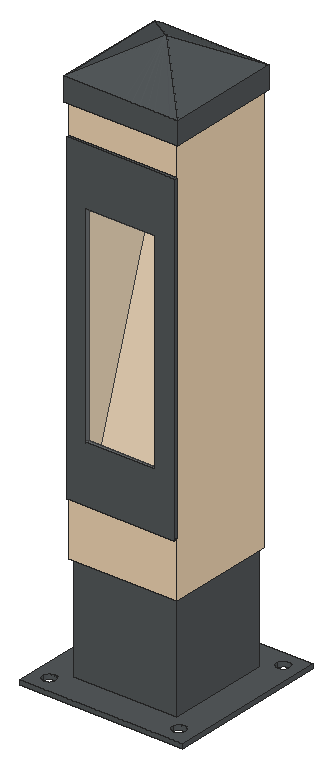
Revit family "Баум", category Осветительные приборы, Revit 2019 (continued)
Types (3, lengths in mm): name | Файл фотометрической сетки | built-in parameter 1150105 | Lumens | built-in parameter 1150106 | built-in parameter 1150142 | Wattage | h_столб низ | h_столб верх | ADSK_Фактическая мощность | ADSK_Размер_Высота | ADSK_Номинальная мощность | ADSK_Наименование | ADSK_Масса_Текст | ADSK_Масса | ADSK_Артикул
    .4 0.4 0.4\r\n 0.4 0.4 0.4 0.4 0.4 0.4 0.4 0.4 0.4 0.4 0.4 0.4 0.4 0.4 0.4 0.4 0.4 0.4 0.4 0.4 0.4 0.4 0.4 0.4 0.4 0.4 0.4 0.4 0.4 0.4 0.4 0.4\r\n 0.4 0.4 0.4 0.4 0.4 0.4 0.4 0.4 0.4 0.4 0.4 0.4 0.4 0.4 0.4 0.4 0.4 0.4 0.4 0.4 0.4 0.4 0.4 0.4 0.4 0.4 0.4 0.4 0.4 0.4 0.4 0.4\r\n 0.4 0.4 0.4 0.4 0.4 0.4 0.4 0.4 0.4 0.6 0.4 0.4 0.4 0.2 0.2 0.2 0.2 0.2 0.2 0.0 0.0 0.0\r\n0.0 0.0 0.6 0.4 0.4 0.2 0.2 0.2 0.4 0.6 0.6 0.4 0.4 0.4 1.6 34.1 118.0 228.1 300.4 368.5 422.8 484.9 550.7 632.4 731.0 839.2 874.1\r\n 882.5 881.6 880.7 881.6 880.9 874.8 869.1 866.0 859.2 859.6 857.0 851.2 847.8 848.8 843.3 835.5 830.8 819.2 813.7 810.0 804.5\r\n 795.7 787.7 788.4 779.4 762.9 750.6 742.0 733.2 720.5 707.1 692.6 665.8 624.3 570.9 518.1 487.2 460.8 428.9 404.7 384.3 357.7\r\n 329.6 302.8 284.6 255.4 227.9 214.5 191.4 162.8 138.2 105.3 90.5 67.2 42.8 13.2 1.8 0.4 0.4 0.4 0.4 0.4 0.4 0.4 0.4 0.4 0.4 0.4\r\n 0.4 0.4 0.4 0.4 0.4 0.4 0.4 0.4 0.4 0.4 0.4 0.4 0.4 0.4 0.4 0.4 0.4 0.4 0.4 0.4 0.4 0.4 0.4 0.4 0.4 0.4 0.4 0.4 0.4 0.4 0.4 0.4\r\n 0.4 0.4 0.4 0.4 0.4 0.4 0.4 0.4 0.4 0.4 0.4 0.4 0.4 0.4 0.4 0.4 0.4 0.4 0.4 0.4 0.4 0.4 0.4 0.4 0.4 0.4 0.4 0.4 0.4 0.4 0.4 0.4\r\n 0.4 0.4 0.4 0.4 0.4 0.4 0.4 0.4 0.4 0.4 0.4 0.4 0.4 0.2 0.2 0.2 0.2 0.2 0.2 0.0 0.0 0.0\r\n0.0 0.0 0.6 0.4 0.4 0.2 0.2 0.2 0.4 0.6 0.6 0.4 0.4 0.4 0.6 9.9 60.8 171.2 256.9 323.4 383.9 430.2 477.3 537.5 604.5 690.6 768.0\r\n 802.2 810.8 808.4 802.0 800.9 810.0 805.6 799.0 797.4 790.2 792.8 790.4 782.2 775.4 767.3 762.7 757.2 754.6 749.7 742.9 742.9\r\n 735.9 725.1 712.6 700.5 698.3 687.5 674.1 663.6 655.7 642.3 632.0 617.2 590.4 550.9 497.3 451.5 419.9 391.1 359.1 330.0 315.3\r\n 287.4 264.6 246.3 228.1 202.8 180.6 162.8 135.3 114.3 94.0 79.1 60.6 37.4 17.3 2.4 0.4 0.4 0.4 0.4 0.4 0.4 0.4 0.4 0.4 0.4 0.4\r\n 0.4 0.4 0.4 0.4 0.4 0.4 0.4 0.4 0.4 0.4 0.4 0.4 0.4 0.4 0.4 0.4 0.4 0.4 0.4 0.4 0.4 0.4 0.4 0.4 0.4 0.4 0.4 0.4 0.4 0.4 0.4 0.4\r\n 0.4 0.4 0.4 0.4 0.4 0.4 0.4 0.4 0.4 0.4 0.4 0.4 0.4 0.4 0.4 0.4 0.4 0.4 0.4 0.4 0.4 0.4 0.4 0.4 0.4 0.4 0.4 0.4 0.4 0.4 0.4 0.4\r\n 0.4 0.4 0.4 0.4 0.4 0.4 0.4 0.4 0.4 0.4 0.4 0.4 0.4 0.2 0.2 0.2 0.2 0.2 0.2 0.0 0.0 0.0\r\n0.0 0.0 0.6 0.2 0.4 0.2 0.2 0.2 0.4 0.6 0.6 0.4 0.4 0.4 0.4 2.4 22.0 98.9 196.9 276.4 331.3 372.7 412.7 456.6 504.9 562.3 625.1\r\n 700.7 716.1 721.0 724.0 725.8 722.7 722.3 723.6 723.8 722.0 719.9 717.9 711.7 712.8 707.5 703.6 699.2 687.6 682.1 673.5 659.7\r\n 655.5 649.8 639.2 632.2 625.2 619.5 609.8 595.7 580.5 570.9 560.5 547.3 536.2 513.1 470.2 421.9 378.4 350.1 325.7 293.6 271.0\r\n 255.3 228.8 204.6 189.6 170.5 151.4 137.8 123.1 102.2 82.2 65.2 54.7 35.2 16.3 1.8 0.4 0.4 0.4 0.4 0.4 0.4 0.4 0.4 0.4 0.4 0.4\r\n 0.4 0.4 0.4 0.4 0.4 0.4 0.4 0.4 0.4 0.4 0.4 0.4 0.4 0.4 0.4 0.4 0.4 0.4 0.4 0.4 0.4 0.4 0.4 0.4 0.4 0.4 0.4 0.4 0.4 0.4 0.4 0.4\r\n 0.4 0.4 0.4 0.4 0.4 0.4 0.4 0.4 0.4 0.4 0.4 0.4 0.4 0.4 0.4 0.4 0.4 0.4 0.4 0.4 0.4 0.4 0.4 0.4 0.4 0.4 0.4 0.4 0.4 0.4 0.4 0.4\r\n 0.4 0.4 0.4 0.4 0.4 0.4 0.4 0.4 0.4 0.4 0.4 0.4 0.4 0.2 0.2 0.2 0.2 0.2 0.2 0.0 0.0 0.0\r\n0.0 0.0 0.4 0.2 0.4 0.2 0.2 0.2 0.4 0.6 0.6 0.4 0.4 0.4 0.4 0.7 5.0 40.0 113.6 218.6 276.9 320.8 365.2 401.4 443.4 497.7 546.9\r\n 600.1 633.3 655.5 662.9 660.5 654.8 659.6 662.3 659.2 654.0 654.2 646.3 647.3 645.2 636.3 633.7 629.8 626.5 616.6 608.5 606.5\r\n 599.5 593.9 586.2 576.8 569.5 559.7 551.8 541.4 534.8 525.2 517.0 509.3 496.8 483.0 463.0 423.7 373.3 327.6 298.4 276.0 249.4\r\n 230.3 213.1 190.7 170.3 158.6 138.9 121.1 110.3 92.7 76.2 58.4 46.8 31.9 13.2 0.9 0.4 0.4 0.4 0.4 0.4 0.4 0.4 0.4 0.4 0.4 0.4 0.4\r\n 0.4 0.4 0.4 0.4 0.4 0.4 0.4 0.4 0.4 0.4 0.4 0.4 0.4 0.4 0.4 0.4 0.4 0.4 0.4 0.4 0.4 0.4 0.4 0.4 0.4 0.4 0.4 0.4 0.4 0.4 0.4 0.4\r\n 0.4 0.4 0.4 0.4 0.4 0.4 0.4 0.4 0.4 0.4 0.4 0.4 0.4 0.4 0.4 0.4 0.4 0.4 0.4 0.4 0.4 0.4 0.4 0.4 0.4 0.4 0.4 0.4 0.4 0.4 0.4 0.4\r\n 0.4 0.4 0.4 0.4 0.4 0.4 0.4 0.4 0.4 0.4 0.4 0.4 0.2 0.2 0.2 0.2 0.2 0.2 0.0 0.0 0.0\r\n0.0 0.0 0.4 0.2 0.4 0.2 0.2 0.2 0.4 0.6 0.6 0.4 0.4 0.4 0.4 0.6 0.9 11.4 45.3 131.0 208.1 262.4 306.5 345.9 381.4 427.0 464.7\r\n 505.8 532.6 588.3 601.0 598.8 596.6 592.2 593.3 594.8 594.2 593.5 591.3 585.2 580.8 582.7 572.8 570.7 568.0 559.5 555.0 548.7\r\n 544.3 539.4 533.7 526.9 518.1 507.2 499.0 494.8 483.6 474.6 464.3 452.5 442.1 429.8 417.3 398.4 369.4 324.1 280.8 251.1 230.5\r\n 210.5 194.0 179.3 159.1 142.2 131.8 113.4 97.1 86.1 69.0 52.5 38.2 28.1 14.5 2.6 0.7 0.4 0.4 0.4 0.4 0.4 0.4 0.4 0.4 0.4 0.4 0.4\r\n 0.4 0.4 0.4 0.4 0.4 0.4 0.4 0.4 0.4 0.4 0.4 0.4 0.4 0.4 0.4 0.4 0.4 0.4 0.4 0.4 0.4 0.4 0.4 0.4 0.4 0.4 0.4 0.4 0.4 0.4 0.4 0.4\r\n 0.4 0.4 0.4 0.4 0.4 0.4 0.4 0.4 0.4 0.4 0.4 0.4 0.4 0.4 0.4 0.4 0.4 0.4 0.4 0.4 0.4 0.4 0.4 0.4 0.4 0.4 0.4 0.4 0.4 0.4 0.4 0.4\r\n 0.4 0.4 0.4 0.4 0.4 0.4 0.4 0.4 0.4 0.4 0.4 0.4 0.2 0.2 0.2 0.2 0.2 0.2 0.0 0.0 0.0\r\n0.0 0.0 0.4 0.2 0.4 0.2 0.2 0.2 0.4 0.6 0.6 0.4 0.4 0.4 0.4 0.4 0.4 2.4 11.4 49.4 117.8 181.3 228.7 269.4 312.7 352.4 385.2 425.2\r\n 452.2 475.9 515.9 546.2 554.4 553.3 547.4 542.3 540.7 537.3 533.8 532.2 528.0 519.9 513.1 506.7 507.8 505.4 497.9 494.8 484.7\r\n 479.5 477.0 469.6 463.6 457.7 448.9 440.8 431.3 422.8 413.8 406.1 396.4 386.1 376.6 365.2 351.1 322.4 284.1 240.6 212.7 192.0\r\n 174.2 159.3 145.5 127.9 114.5 101.5 85.9 73.8 61.5 44.8 32.5 26.6 16.1 4.2 0.6 0.4 0.4 0.4 0.4 0.4 0.4 0.4 0.4 0.4 0.4 0.4 0.4\r\n 0.4 0.4 0.4 0.4 0.4 0.4 0.4 0.4 0.4 0.4 0.4 0.4 0.4 0.4 0.4 0.4 0.4 0.4 0.4 0.4 0.4 0.4 0.4 0.4 0.4 0.4 0.4 0.4 0.4 0.4 0.4 0.4\r\n 0.4 0.4 0.4 0.4 0.4 0.4 0.4 0.4 0.4 0.4 0.4 0.4 0.4 0.4 0.4 0.4 0.4 0.4 0.4 0.4 0.4 0.4 0.4 0.4 0.4 0.4 0.4 0.4 0.4 0.4 0.4 0.4\r\n 0.4 0.4 0.4 0.4 0.4 0.4 0.4 0.4 0.4 0.4 0.4 0.2 0.2 0.2 0.2 0.2 0.2 0.0 0.0 0.0\r\n0.0 0.0 0.4 0.2 0.4 0.2 0.2 0.2 0.4 0.6 0.6 0.4 0.4 0.4 0.4 0.4 0.4 0.6 1.6 11.4 46.4 98.0 144.4 186.3 221.7 255.1 282.6 305.2\r\n 338.2 371.3 402.1 445.2 487.2 489.6 489.4 491.1 486.5 478.4 476.2 472.0 464.1 462.3 457.1 450.7 442.3 440.8 434.9 429.8 422.8\r\n 414.6 409.4 405.2 397.5 394.9 385.8 382.5 377.1 368.5 361.7 352.5 344.6 336.6 329.6 320.0 311.6 301.0 282.3 253.4 218.2 190.9\r\n 172.3 152.9 137.1 123.9 107.2 95.3 81.8 69.0 58.4 47.9 36.9 27.9 19.8 10.5 2.0 0.4 0.4 0.4 0.4 0.4 0.4 0.4 0.4 0.4 0.4 0.4 0.4\r\n 0.4 0.4 0.4 0.4 0.4 0.4 0.4 0.4 0.4 0.4 0.4 0.4 0.4 0.4 0.4 0.4 0.4 0.4 0.4 0.4 0.4 0.4 0.4 0.4 0.4 0.4 0.4 0.4 0.4 0.4 0.4 0.4\r\n 0.4 0.4 0.4 0.4 0.4 0.4 0.4 0.4 0.4 0.4 0.4 0.4 0.4 0.4 0.4 0.4 0.4 0.4 0.4 0.4 0.4 0.4 0.4 0.4 0.4 0.4 0.4 0.4 0.4 0.4 0.4 0.4\r\n 0.4 0.4 0.4 0.4 0.4 0.4 0.4 0.4 0.4 0.4 0.4 0.2 0.2 0.2 0.2 0.2 0.2 0.0 0.0 0.0\r\n0.0 0.0 0.4 0.2 0.4 0.2 0.2 0.2 0.4 0.6 0.6 0.4 0.4 0.4 0.4 0.4 0.4 0.4 0.6 1.8 10.5 28.3 61.3 102.2 139.7 167.7 185.9 201.9 226.5\r\n 245.9 269.8 306.8 335.5 385.4 411.6 422.8 425.9 422.3 416.0 409.6 408.1 404.7 401.5 395.3 389.6 383.4 376.4 368.0 364.5 360.1\r\n 351.1 345.9 340.6 332.7 328.1 318.0 309.2 304.5 298.0 289.4 284.1 279.5 270.1 262.4 254.5 244.8 234.5 219.9 197.1 172.7 152.1\r\n 138.0 121.1 109.2 98.2 84.1 76.3 63.9 55.2 45.5 35.8 25.9 18.5 10.3 2.9 0.4 0.4 0.4 0.4 0.4 0.4 0.4 0.4 0.4 0.4 0.4 0.4 0.4 0.4\r\n 0.4 0.4 0.4 0.4 0.4 0.4 0.4 0.4 0.4 0.4 0.4 0.4 0.4 0.4 0.4 0.4 0.4 0.4 0.4 0.4 0.4 0.4 0.4 0.4 0.4 0.4 0.4 0.4 0.4 0.4 0.4 0.4\r\n 0.4 0.4 0.4 0.4 0.4 0.4 0.4 0.4 0.4 0.4 0.4 0.4 0.4 0.4 0.4 0.4 0.4 0.4 0.4 0.4 0.4 0.4 0.4 0.4 0.4 0.4 0.4 0.4 0.4 0.4 0.4 0.4\r\n 0.4 0.4 0.4 0.4 0.4 0.4 0.2 0.4 0.4 0.2 0.2 0.2 0.2 0.2 0.2 0.0 0.0 0.0\r\n0.0 0.0 0.4 0.2 0.2 0.2 0.2 0.2 0.4 0.6 0.4 0.4 0.4 0.4 0.4 0.4 0.4 0.4 0.4 0.6 1.3 3.5 15.8 38.0 70.1 98.4 126.8 143.9 164.1\r\n 182.2 198.6 228.8 255.4 276.4 312.3 343.9 360.6 369.0 369.4 370.7 365.0 360.6 355.7 350.0 348.0 342.1 337.9 335.1 330.0 322.8\r\n 318.0 312.7 306.1 302.4 298.2 293.3 288.1 280.0 272.7 266.5 258.6 251.8 245.0 237.5 229.9 221.3 212.5 205.4 196.5 179.1 158.8\r\n 138.0 123.3 110.1 98.6 88.5 76.7 66.6 57.6 47.3 39.3 29.5 21.5 15.1 5.9 1.1 0.4 0.4 0.4 0.4 0.4 0.4 0.4 0.4 0.4 0.4 0.4 0.4 0.4\r\n 0.4 0.4 0.4 0.4 0.4 0.4 0.4 0.4 0.4 0.4 0.4 0.4 0.4 0.4 0.4 0.4 0.4 0.4 0.4 0.4 0.4 0.4 0.4 0.4 0.4 0.4 0.4 0.4 0.4 0.4 0.4 0.4\r\n 0.4 0.4 0.4 0.4 0.4 0.4 0.4 0.4 0.4 0.4 0.4 0.4 0.4 0.4 0.4 0.4 0.4 0.4 0.4 0.4 0.4 0.4 0.4 0.4 0.4 0.4 0.4 0.4 0.4 0.4 0.4 0.4\r\n 0.4 0.4 0.4 0.4 0.4 0.4 0.2 0.2 0.4 0.2 0.2 0.2 0.2 0.2 0.2 0.0 0.0 0.0\r\n0.0 0.0 0.4 0.2 0.2 0.2 0.2 0.2 0.4 0.6 0.4 0.4 0.4 0.4 0.4 0.4 0.4 0.4 0.4 0.4 0.4 0.6 2.4 6.6 18.4 31.4 73.4 103.5 125.9 145.0\r\n 160.6 178.8 196.9 218.2 242.4 258.9 288.5 319.0 332.5 351.8 350.3 350.0 344.6 343.9 338.8 335.6 332.0 323.9 317.9 313.6 309.8\r\n 305.4 299.1 294.0 287.4 282.1 274.9 266.3 260.0 254.4 248.1 241.3 233.1 225.7 217.1 209.6 200.9 193.6 185.9 177.1 164.3 145.0\r\n 124.6 108.1 96.7 84.8 75.1 63.1 54.9 43.5 37.8 29.0 20.4 13.9 6.4 0.9 0.4 0.4 0.4 0.4 0.4 0.4 0.4 0.4 0.4 0.4 0.4 0.4 0.4 0.4 0.4\r\n 0.4 0.4 0.4 0.4 0.4 0.4 0.4 0.4 0.4 0.4 0.4 0.4 0.4 0.4 0.4 0.4 0.4 0.4 0.4 0.4 0.4 0.4 0.4 0.4 0.4 0.4 0.4 0.4 0.4 0.4 0.4 0.4\r\n 0.4 0.4 0.4 0.4 0.4 0.4 0.4 0.4 0.4 0.4 0.4 0.4 0.4 0.4 0.4 0.4 0.4 0.4 0.4 0.4 0.4 0.4 0.4 0.4 0.4 0.4 0.4 0.4 0.4 0.4 0.4 0.4\r\n 0.4 0.4 0.4 0.4 0.2 0.2 0.4 0.2 0.2 0.2 0.2 0.2 0.2 0.0 0.0 0.0\r\n0.0 0.0 0.4 0.2 0.2 0.2 0.2 0.2 0.4 0.6 0.4 0.4 0.4 0.4 0.4 0.4 0.4 0.4 0.4 0.4 0.4 0.4 0.6 0.6 2.2 6.4 19.5 34.1 70.7 91.0 109.8\r\n 128.1 149.8 169.0 183.9 203.0 224.3 248.1 279.5 298.8 310.9 323.7 334.9 332.4 331.3 325.7 320.8 318.6 312.0 306.1 297.9 289.8\r\n 282.6 276.6 272.0 265.7 257.3 249.2 243.2 236.9 231.0 223.9 215.4 207.9 200.2 192.1 184.8 177.6 170.1 162.1 152.9 143.7 130.3\r\n 112.1 94.9 82.4 70.5 61.5 50.7 44.0 34.9 28.8 20.7 13.8 8.6 3.1 0.7 0.4 0.4 0.4 0.4 0.4 0.4 0.4 0.4 0.4 0.4 0.4 0.4 0.4 0.4 0.4\r\n 0.4 0.4 0.4 0.4 0.4 0.4 0.4 0.4 0.4 0.4 0.4 0.4 0.4 0.4 0.4 0.4 0.4 0.4 0.4 0.4 0.4 0.4 0.4 0.4 0.4 0.4 0.4 0.4 0.4 0.4 0.4 0.4\r\n 0.4 0.4 0.4 0.4 0.4 0.4 0.4 0.4 0.4 0.4 0.4 0.4 0.4 0.4 0.4 0.4 0.4 0.4 0.4 0.4 0.4 0.4 0.4 0.4 0.4 0.4 0.4 0.4 0.4 0.4 0.4 0.4\r\n 0.4 0.4 0.4 0.2 0.2 0.4 0.2 0.2 0.2 0.2 0.2 0.2 0.0 0.0 0.0\r\n0.0 0.0 0.4 0.2 0.2 0.2 0.2 0.2 0.4 0.6 0.4 0.4 0.4 0.4 0.4 0.4 0.4 0.4 0.4 0.4 0.4 0.4 0.4 0.4 0.4 1.1 2.2 4.2 11.2 38.7 58.0\r\n 74.5 100.8 121.5 140.4 151.8 165.5 182.2 198.2 209.8 214.5 232.0 237.5 234.4 229.4 226.1 219.5 214.7 211.0 208.8 203.9 202.4\r\n 204.3 204.8 202.2 198.7 195.8 193.6 189.0 183.9 178.6 172.5 167.9 162.2 156.2 150.3 144.6 138.7 131.8 125.2 118.2 110.5 103.1\r\n 92.1 78.2 62.8 50.8 42.8 36.0 28.1 22.6 16.5 12.1 7.2 4.0 1.1 0.4 0.4 0.4 0.4 0.4 0.4 0.4 0.4 0.4 0.4 0.4 0.4 0.4 0.4 0.4 0.4 0.4\r\n 0.4 0.4 0.4 0.4 0.4 0.4 0.4 0.4 0.4 0.4 0.4 0.4 0.4 0.4 0.4 0.4 0.4 0.4 0.4 0.4 0.4 0.4 0.4 0.4 0.4 0.4 0.4 0.4 0.4 0.4 0.4 0.4\r\n 0.4 0.4 0.4 0.4 0.4 0.4 0.4 0.4 0.4 0.4 0.4 0.4 0.4 0.4 0.4 0.4 0.4 0.4 0.4 0.4 0.4 0.4 0.4 0.4 0.4 0.4 0.4 0.4 0.4 0.4 0.4 0.4\r\n 0.4 0.4 0.2 0.2 0.4 0.2 0.2 0.2 0.2 0.2 0.2 0.0 0.0 0.0\r\n0.0 0.0 0.4 0.2 0.2 0.2 0.2 0.2 0.4 0.6 0.4 0.4 0.4 0.4 0.4 0.4 0.4 0.4 0.4 0.4 0.4 0.4 0.4 0.4 0.4 0.4 0.4 0.4 0.7 4.6 6.8 20.0\r\n 34.3 45.5 72.1 99.1 113.6 129.9 136.4 144.1 151.0 160.8 163.7 162.1 160.6 155.1 151.0 147.0 142.8 141.1 139.3 136.9 133.6 131.9\r\n 129.9 126.4 122.2 119.3 116.5 115.1 112.5 108.8 105.9 102.6 99.3 96.5 92.3 87.5 83.1 79.5 75.2 69.9 64.8 60.2 55.4 48.3 36.7 26.8\r\n 19.5 13.6 9.7 6.2 3.7 2.2 0.7 0.4 0.4 0.4 0.4 0.4 0.4 0.4 0.4 0.4 0.4 0.4 0.4 0.4 0.4 0.4 0.4 0.4 0.4 0.4 0.4 0.4 0.4 0.4 0.4 0.4\r\n 0.4 0.4 0.4 0.4 0.4 0.4 0.4 0.4 0.4 0.4 0.4 0.4 0.4 0.4 0.4 0.4 0.4 0.4 0.4 0.4 0.4 0.4 0.4 0.4 0.4 0.4 0.4 0.4 0.4 0.4 0.4 0.4\r\n 0.4 0.4 0.4 0.4 0.4 0.4 0.4 0.4 0.4 0.4 0.4 0.4 0.4 0.4 0.4 0.4 0.4 0.4 0.6 0.6 0.4 0.4 0.4 0.4 0.4 0.4 0.4 0.2 0.2 0.4 0.2 0.2\r\n 0.2 0.2 0.2 0.2 0.0 0.0 0.0\r\n0.0 0.0 0.4 0.2 0.2 0.2 0.2 0.2 0.4 0.6 0.4 0.4 0.4 0.4 0.4 0.4 0.4 0.4 0.4 0.4 0.4 0.4 0.4 0.4 0.4 0.4 0.4 0.4 0.4 0.4 0.4 1.8\r\n 3.1 9.9 19.8 19.3 32.1 70.3 78.0 81.1 85.0 88.5 91.4 89.6 84.2 80.9 78.4 77.6 79.7 78.9 77.1 75.6 75.2 73.4 71.8 70.5 70.5 71.8\r\n 71.8 69.6 67.3 65.9 63.5 60.9 58.2 55.4 52.7 49.0 46.1 43.5 40.9 38.4 35.8 33.6 31.6 29.2 26.2 19.3 9.7 6.2 4.2 2.2 0.9 0.6 0.4\r\n 0.4 0.4 0.4 0.4 0.4 0.4 0.4 0.4 0.4 0.4 0.4 0.4 0.4 0.4 0.4 0.4 0.4 0.4 0.4 0.4 0.4 0.4 0.4 0.4 0.4 0.4 0.4 0.4 0.4 0.4 0.4 0.4\r\n 0.4 0.4 0.4 0.4 0.4 0.4 0.4 0.4 0.4 0.4 0.4 0.4 0.4 0.4 0.4 0.4 0.4 0.4 0.4 0.4 0.4 0.4 0.4 0.4 0.4 0.4 0.4 0.4 0.4 0.4 0.4 0.4\r\n 0.4 0.4 0.4 0.4 0.4 0.4 0.4 0.4 0.4 0.4 0.4 0.6 0.6 0.4 0.4 0.4 0.4 0.4 0.4 0.4 0.2 0.2 0.4 0.2 0.2 0.2 0.2 0.2 0.2 0.0 0.0 0.0\r\n0.0 0.0 0.4 0.2 0.2 0.2 0.2 0.2 0.4 0.6 0.4 0.4 0.4 0.4 0.4 0.4 0.4 0.4 0.4 0.4 0.4 0.4 0.4 0.4 0.4 0.4 0.4 0.4 0.4 0.4 0.4 0.4\r\n 0.4 0.9 1.6 1.3 2.9 4.8 5.7 3.8 4.4 6.1 8.8 11.9 14.9 17.6 20.4 22.6 24.4 23.9 24.0 21.8 18.9 15.4 13.6 12.9 12.3 10.3 8.3 7.2\r\n 6.8 6.6 6.1 5.0 4.0 2.9 1.8 1.3 0.7 0.7 0.7 0.7 0.7 0.9 0.9 0.9 1.1 0.9 0.9 0.6 0.4 0.4 0.4 0.4 0.4 0.4 0.4 0.4 0.4 0.4 0.4 0.4\r\n 0.4 0.4 0.4 0.4 0.4 0.4 0.4 0.4 0.4 0.4 0.4 0.4 0.4 0.4 0.4 0.4 0.4 0.4 0.4 0.4 0.4 0.4 0.4 0.4 0.4 0.4 0.4 0.4 0.4 0.4 0.4 0.4\r\n 0.4 0.4 0.4 0.4 0.4 0.4 0.4 0.4 0.4 0.4 0.4 0.4 0.4 0.4 0.4 0.4 0.4 0.4 0.4 0.4 0.4 0.4 0.4 0.4 0.4 0.4 0.4 0.4 0.4 0.4 0.4 0.4\r\n 0.4 0.4 0.4 0.4 0.4 0.4 0.4 0.4 0.4 0.4 0.4 0.4 0.4 0.2 0.2 0.2 0.2 0.2 0.2 0.2 0.2 0.2 0.0 0.0 0.0\r\n0.0 0.0 0.4 0.2 0.2 0.2 0.2 0.2 0.4 0.6 0.4 0.4 0.4 0.4 0.4 0.4 0.4 0.4 0.4 0.4 0.4 0.4 0.4 0.4 0.4 0.4 0.4 0.4 0.4 0.4 0.4 0.4\r\n 0.4 0.4 0.4 0.4 0.4 0.4 0.6 0.4 0.4 0.4 0.6 0.6 0.7 0.7 0.7 0.7 0.7 0.6 0.6 0.6 0.6 0.6 0.6 0.6 0.4 0.4 0.4 0.4 0.4 0.4 0.4 0.4\r\n 0.4 0.4 0.4 0.4 0.4 0.4 0.4 0.4 0.4 0.4 0.4 0.4 0.4 0.4 0.4 0.4 0.4 0.4 0.4 0.4 0.4 0.4 0.4 0.4 0.4 0.4 0.4 0.4 0.4 0.4 0.4 0.4\r\n 0.4 0.4 0.4 0.4 0.4 0.4 0.4 0.4 0.4 0.4 0.4 0.4 0.4 0.4 0.4 0.4 0.4 0.4 0.4 0.4 0.4 0.4 0.4 0.4 0.4 0.4 0.4 0.4 0.4 0.4 0.4 0.4\r\n 0.4 0.4 0.4 0.4 0.4 0.4 0.4 0.4 0.4 0.4 0.4 0.4 0.4 0.4 0.4 0.4 0.4 0.4 0.4 0.4 0.4 0.4 0.4 0.4 0.4 0.4 0.4 0.4 0.4 0.4 0.4 0.4\r\n 0.4 0.4 0.4 0.4 0.4 0.4 0.4 0.4 0.4 0.2 0.2 0.2 0.2 0.2 0.2 0.2 0.2 0.2 0.0 0.0 0.0\r\n0.0 0.0 0.2 0.2 0.2 0.2 0.2 0.2 0.4 0.6 0.4 0.4 0.4 0.4 0.4 0.4 0.4 0.4 0.4 0.4 0.4 0.4 0.4 0.4 0.4 0.4 0.4 0.4 0.4 0.4 0.4 0.4\r\n 0.4 0.4 0.4 0.4 0.4 0.4 0.4 0.4 0.4 0.4 0.4 0.4 0.4 0.4 0.4 0.4 0.4 0.4 0.4 0.4 0.4 0.4 0.4 0.4 0.4 0.4 0.4 0.4 0.4 0.4 0.4 0.4\r\n 0.4 0.4 0.4 0.4 0.4 0.4 0.4 0.4 0.4 0.4 0.4 0.4 0.4 0.4 0.4 0.4 0.4 0.4 0.4 0.4 0.4 0.4 0.4 0.4 0.4 0.4 0.4 0.4 0.4 0.4 0.4 0.4\r\n 0.4 0.4 0.4 0.4 0.4 0.4 0.4 0.4 0.4 0.4 0.4 0.4 0.4 0.4 0.4 0.4 0.4 0.4 0.4 0.4 0.4 0.4 0.4 0.4 0.4 0.4 0.4 0.4 0.4 0.4 0.4 0.4\r\n 0.4 0.4 0.4 0.4 0.4 0.4 0.4 0.4 0.4 0.4 0.4 0.4 0.4 0.4 0.4 0.4 0.4 0.4 0.4 0.4 0.4 0.4 0.4 0.4 0.4 0.4 0.4 0.4 0.4 0.4 0.4 0.4\r\n 0.4 0.4 0.4 0.4 0.4 0.4 0.4 0.4 0.4 0.2 0.2 0.2 0.2 0.2 0.2 0.2 0.2 0.2 0.0 0.0 0.0\r\n0.0 0.0 0.2 0.2 0.2 0.2 0.2 0.2 0.4 0.6 0.4 0.4 0.4 0.4 0.4 0.4 0.4 0.4 0.4 0.4 0.4 0.4 0.4 0.4 0.4 0.4 0.4 0.4 0.4 0.4 0.4 0.4\r\n 0.4 0.4 0.4 0.4 0.4 0.4 0.4 0.4 0.4 0.4 0.4 0.4 0.4 0.4 0.4 0.4 0.4 0.4 0.4 0.4 0.4 0.4 0.4 0.4 0.4 0.4 0.4 0.4 0.4 0.4 0.4 0.4\r\n 0.4 0.4 0.4 0.4 0.4 0.4 0.4 0.4 0.4 0.4 0.4 0.4 0.4 0.4 0.4 0.4 0.4 0.4 0.4 0.4 0.4 0.4 0.4 0.4 0.4 0.4 0.4 0.4 0.4 0.4 0.4 0.4\r\n 0.4 0.4 0.4 0.4 0.4 0.4 0.4 0.4 0.4 0.4 0.4 0.4 0.4 0.4 0.4 0.4 0.4 0.4 0.4 0.4 0.4 0.4 0.4 0.4 0.4 0.4 0.4 0.4 0.4 0.4 0.4 0.4\r\n 0.4 0.4 0.4 0.4 0.4 0.4 0.4 0.4 0.4 0.4 0.4 0.4 0.4 0.4 0.4 0.4 0.4 0.4 0.4 0.4 0.4 0.4 0.4 0.4 0.4 0.4 0.4 0.4 0.4 0.4 0.4 0.4\r\n 0.4 0.4 0.4 0.4 0.4 0.4 0.4 0.4 0.4 0.2 0.2 0.2 0.2 0.2 0.2 0.2 0.2 0.2 0.0 0.0 0.0\r\n0.0 0.0 0.2 0.2 0.2 0.2 0.2 0.2 0.4 0.6 0.4 0.4 0.4 0.4 0.4 0.4 0.4 0.4 0.4 0.4 0.4 0.4 0.4 0.4 0.4 0.4 0.4 0.4 0.4 0.4 0.4 0.4\r\n 0.4 0.4 0.4 0.4 0.4 0.4 0.4 0.4 0.4 0.4 0.4 0.4 0.4 0.4 0.4 0.4 0.4 0.4 0.4 0.4 0.4 0.4 0.4 0.4 0.4 0.4 0.4 0.4 0.4 0.4 0.4 0.4\r\n 0.4 0.4 0.4 0.4 0.4 0.4 0.4 0.4 0.4 0.4 0.4 0.4 0.4 0.4 0.4 0.4 0.4 0.4 0.4 0.4 0.4 0.4 0.4 0.4 0.4 0.4 0.4 0.4 0.4 0.4 0.4 0.4\r\n 0.4 0.4 0.4 0.4 0.4 0.4 0.4 0.4 0.4 0.4 0.4 0.4 0.4 0.4 0.4 0.4 0.4 0.4 0.4 0.4 0.4 0.4 0.4 0.4 0.4 0.4 0.4 0.4 0.4 0.4 0.4 0.4\r\n 0.4 0.4 0.4 0.4 0.4 0.4 0.4 0.4 0.4 0.4 0.4 0.4 0.4 0.4 0.4 0.4 0.4 0.4 0.4 0.4 0.4 0.4 0.4 0.4 0.4 0.4 0.4 0.4 0.4 0.4 0.4 0.4\r\n 0.4 0.4 0.4 0.4 0.4 0.4 0.4 0.4 0.4 0.2 0.2 0.2 0.2 0.2 0.2 0.2 0.2 0.2 0.0 0.0 0.0\r\n0.0 0.0 0.2 0.2 0.2 0.2 0.2 0.2 0.4 0.6 0.4 0.4 0.4 0.4 0.4 0.4 0.4 0.4 0.4 0.4 0.4 0.4 0.4 0.4 0.4 0.4 0.4 
